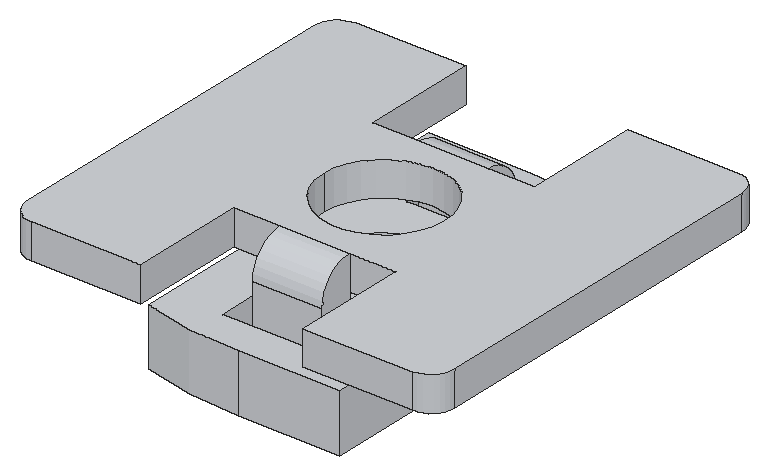
Revit family "Stex 35 Gewindeplatte GP", category HLS-Bauteile, Revit 2017
Family settings
  Bemaßung runder Anschluss = Durchmesser verwenden
  Teiletyp = Normal
  Arbeitsebenenbasiert = Ja
  Immer vertikal = Nein
  Beim Laden mit Abzugskörper schneiden = Nein
  Gemeinsam genutzt = Ja
  Raumberechnungspunkt = Nein
Parameters (values of type "Stex-Gewindeplatte M 8")
  vpe = "50 St"
  Default Elevation = 1219.2 mm
  Regelhalter [instance] = ""
  Profiltyp = "Stex 35"
  Oberflaeche = "galvanisch verzinkt"
  Nutzlänge = ""
  Mengeneinheit = "St"
  Material = "Stahl"
  Länge Gewinde = 0 mm
  Kurztext2 = "M8 gvz"
  Kurztext1 = "Stex Gewindeplatte GP 35"
  Gewindeplatte = MEFA Gewindeplatte 35 für Stex 35 : MEFA Gewindeplatte 35 für Stex 35 M 8
  Gewinde = "M8"
  Gewicht pro Bauteil = Gewicht  # 0.039 kg
  Gewicht = 0.039 kg
  Firma = "MEFA Befestigungs- und Montagesysteme GmbH"
  Festigkeitsklasse = ""
  Fabrikat = "MEFA"
  EAN = "4250928424310"
  Artikelnummer = "127201001"
  Anzugsmoment = 0 N·m
  Abmessung = " mm"
Types (3, lengths in mm): name | Kurztext2 | Gewindeplatte | Gewinde | Gewicht pro Bauteil | Gewicht | EAN | Artikelnummer
  (no name) | "M8 gvz" | MEFA Gewindeplatte 35 für Stex 35 : MEFA Gewindeplatte 35 für Stex 35 M 8 | "M8" | 0.039 kg | 0.039 kg | "4250928424310" | "127201001"
  Stex-Gewindeplatte M10 | "M10 gvz" | MEFA Gewindeplatte 35 für Stex 35 : MEFA Gewindeplatte 35 für Stex 35 M10 | "M10" | 0.0383 kg | 0.0383 kg | "4250928424327" | "127201101"
  Stex-Gewindeplatte M 8 | "M8 gvz" | MEFA Gewindeplatte 35 für Stex 35 : MEFA Gewindeplatte 35 für Stex 35 M 8 | "M8" | 0.039 kg | 0.039 kg | "4250928424310" | "127201001"
Reference planes
  plane 1 "Mitte (Vorne/hinten)": y = 0
  plane 2: z = 2
  plane 3 "Mitte (Links/rechts)": x = 0
Dimensions and locks
  aligned and locked: level to plane 2
Nested families
  nested 1: "MEFA Halteplatte Stex 35" at (0, 0, 2) x (-1, 0, 0) z (0, 0, 1), type "MEFA Halteplatte Stex 35"
  nested 2: "MEFA Gewindeplatte 35 für Stex 35" at (0, -0.272, -5), type <- "Gewindeplatte", type "MEFA Gewindeplatte 35 für Stex 35 M 8"
Definition of nested family "MEFA Halteplatte Stex 35"
  Parameters (values of type "MEFA Halteplatte Stex 35")
    Default Elevation = 1219.2 mm
    Regelhalter [instance] = ""
    Firma = "MEFA Befestigungs- und Montagesysteme GmbH"
  Reference planes
    plane 1 "Mitte (Vorne/hinten)": y = 0
    plane 2: z = 0
    plane 3 "Mitte (Links/rechts)": x = 0
  Forms (mm)
    Extrusion 1, solid
      sketch origin (0, 0, 0) x (1, 0, 0) y (0, 1, 0)
        loop
          line (-1219.2, 1219.2) -> (-1219.2, -1219.2) -> (1219.2, -1219.2) -> (1219.2, 1219.2) -> (-1219.2, 1219.2)
      from 0 to -304.8
    Extrusion 2, solid
      sketch origin (0, 0.193, 0) x (1, 0, 0) y (0, 1, 0)
        loop
          circle (0, -0.193) r 5.25
        loop
          arc (-16.5, 17.307) -> (-17.914, 16.721) -> (-18.5, 15.307) r 2
          line (-18.5, 15.307) -> (-18.5, -15.693)
          arc (-18.5, -15.693) -> (-17.914, -17.108) -> (-16.5, -17.693) r 2
          line (-16.5, -17.693) -> (-7, -17.693) -> (-7, -7.693) -> (-3.5, -7.693) -> (-3.5, -10.693) -> (3.5, -10.693) -> (3.5, -7.693) -> (7, -7.693) -> (7, -17.693) -> (16.5, -17.693)
          arc (16.5, -17.693) -> (17.914, -17.108) -> (18.5, -15.693) r 2
          line (18.5, -15.693) -> (18.5, 15.307)
          arc (18.5, 15.307) -> (17.914, 16.721) -> (16.5, 17.307) r 2
          line (16.5, 17.307) -> (7, 17.307) -> (7, 7.307) -> (3.5, 7.307) -> (3.5, 10.307) -> (-3.5, 10.307) -> (-3.5, 7.307) -> (-7, 7.307) -> (-7, 17.307) -> (-16.5, 17.307)
      from 3 to -10.3
    Extrusion 3, void
      sketch origin (0, 0, 0) x (1, 0, 0) y (0, 0, 1)
        loop
          line (3, 0) -> (3, -5.9) -> (1.5, -5.9) -> (1.5, -8.2) -> (3.5, -8.2) -> (3.5, -10.3) -> (-3.5, -10.3) -> (-3.5, -8.2) -> (-1.5, -8.2) -> (-1.5, -5.9) -> (-3, -5.9) -> (-3, 0) -> (-18.964, 0) -> (-18.964, -10.638) -> (18.964, -10.638) -> (18.964, 0) -> (3, 0)
      from -25 to 25
    Extrusion 4, void
      sketch origin (0, 0, 0) x (1, 0, 0) y (0, 1, 0)
        loop
          line (-6.049, 7.5) -> (-6.049, -7.5) -> (6.149, -7.5) -> (6.149, 7.5) -> (-6.049, 7.5)
      from -25 to 0
    Extrusion 5, void
      sketch origin (0, 0, 0) x (0, 1, 0) y (0, 0, 1)
        loop
          line (10.5, 0) -> (11.496, 0) -> (11.496, 4.088) -> (7.5, 4.088) -> (7.5, 3)
          arc (7.5, 3) -> (9.621, 2.121) -> (10.5, 0) r 3
        loop
          arc (-10.5, 0) -> (-9.621, 2.121) -> (-7.5, 3) r 3
          line (-7.5, 3) -> (-7.5, 4.088) -> (-11.496, 4.088) -> (-11.496, 0) -> (-10.5, 0)
      from -4 to 4
    Extrusion 6, void
      sketch origin (0, 0.193, 3) x (0, 1, 0) y (1, 0, 0)
        loop
          line (-7.693, -3) -> (-11.275, -3) -> (-11.275, -4.077) -> (-7.693, -4.077) -> (-7.693, -3)
        loop
          line (-7.693, 3) -> (-7.693, 4.077) -> (-11.275, 4.077) -> (-11.275, 3) -> (-7.693, 3)
        loop
          line (7.307, -3) -> (7.307, -4.077) -> (10.888, -4.077) -> (10.888, -3) -> (7.307, -3)
        loop
          line (7.307, 3) -> (10.888, 3) -> (10.888, 4.077) -> (7.307, 4.077) -> (7.307, 3)
      from 0 to 5
  Cuts and joins
    Extrusion 3, Extrusion 4, Extrusion 5, Extrusion 6 cuts Extrusion 2
  Dimensions and locks
    aligned and locked: plane 2 to Extrusion 1
    aligned and locked: level to Extrusion 1
Definition of nested family "MEFA Gewindeplatte 35 für Stex 35"
  Parameters (values of type "MEFA Gewindeplatte 35 für Stex 35 M10")
    max. zul. Last = 0
    d2 = 5.3 mm
    Default Elevation = 1219.2 mm
    VPE = 0
    Stärke Material = 0 mm
    Schienenbreite = ""
    Regelhalter [instance] = ""
    Rabattgruppe = ""
    Profiltyp = ""
    Profil = ""
    Preiseinheit = 0
    Plattentyp = ""
    Oberfläche = ""
    Mengeneinheiten = ""
    Materialname = ""
    Material = ""
    Länge = 0 mm
    Kurztext2 = ""
    Kurztext1 = ""
    Gewinde = ""
    Gewicht = 0
    Form = ""
    Firma = "MEFA Befestigungs- und Montagesysteme GmbH"
    EAN = ""
    Deckentyp = ""
    Breite = 0 mm
    Artikelnummer = "127201401"
    Anzugsmoment = 0
    Abmessung = ""
  Types (2, lengths in mm): name | d2 | Artikelnummer
    MEFA Gewindeplatte 35 für Stex 35 M10 | 5.3 | "127201401"
    MEFA Gewindeplatte 35 für Stex 35 M 8 | 4.2 | "127201301"
  Reference planes
    plane 1 "Mitte (Vorne/hinten)": y = 0
    plane 2: z = 0
    plane 3 "Mitte (Links/rechts)": x = 0
  Forms (mm)
    Extrusion 1, solid
      sketch origin (-17.5, 0, 0) x (1, 0, 0) y (0, 1, 0)
        loop
          arc (26.25, 14.783) -> (21.919, 15.711) -> (17.5, 16.022) r 31.5
          line (17.5, 16.022) -> (8.75, 16.022) -> (8.75, -14.238)
          arc (8.75, -14.238) -> (13.081, -15.166) -> (17.5, -15.478) r 31.5
          line (17.5, -15.478) -> (26.25, -15.478) -> (26.25, 14.783)
        loop
          line (13.5, 12.2) -> (13.5, 7.7) -> (21.5, 7.7) -> (21.5, 12.2) -> (13.5, 12.2)
        loop
          line (13.5, -12.2) -> (21.5, -12.2) -> (21.5, -7.7) -> (13.5, -7.7) -> (13.5, -12.2)
      from 0 to 5
    Extrusion 2, void
      sketch origin (0, 0, 0) x (1, 0, 0) y (0, 1, 0)
        loop
          circle (0, 0) r 5.3
      from 0 to 250
  Cuts and joins
    Extrusion 2 cuts Extrusion 1
  Dimensions and locks
    "d2": radius of Extrusion 2 sketch curve
    aligned and locked: level to plane 2
  Automatic sketch dimensions
    Extrusion 1 sketch curve to plane 3 "Mitte (Links/rechts)" = 0 mm  (x2)
    Extrusion 1 sketch curve to plane 3 "Mitte (Links/rechts)" = 4 mm  (x2)
    Extrusion 1 sketch curve to Extrusion 1 sketch curve = 4.75 mm  (x2)
    plane 3 "Mitte (Links/rechts)" to Extrusion 1 sketch curve = 4 mm  (x2)
    plane 1 "Mitte (Vorne/hinten)" to Extrusion 1 sketch curve = 15.478 mm
    Extrusion 1 sketch curve to Extrusion 1 sketch curve = 0 mm
    Extrusion 1 sketch curve to Extrusion 1 sketch curve = 1.24 mm
    Extrusion 1 sketch curve to Extrusion 1 sketch curve = 3.278 mm
    Extrusion 1 sketch curve to Extrusion 1 sketch curve = 4.5 mm  (x2)
    Extrusion 1 sketch curve to plane 1 "Mitte (Vorne/hinten)" = 7.7 mm
    Extrusion 1 sketch curve to Extrusion 1 sketch curve = 2.583 mm
    plane 1 "Mitte (Vorne/hinten)" to Extrusion 2 sketch curve = 0 mm
    Extrusion 2 sketch curve to plane 3 "Mitte (Links/rechts)" = 0 mm
